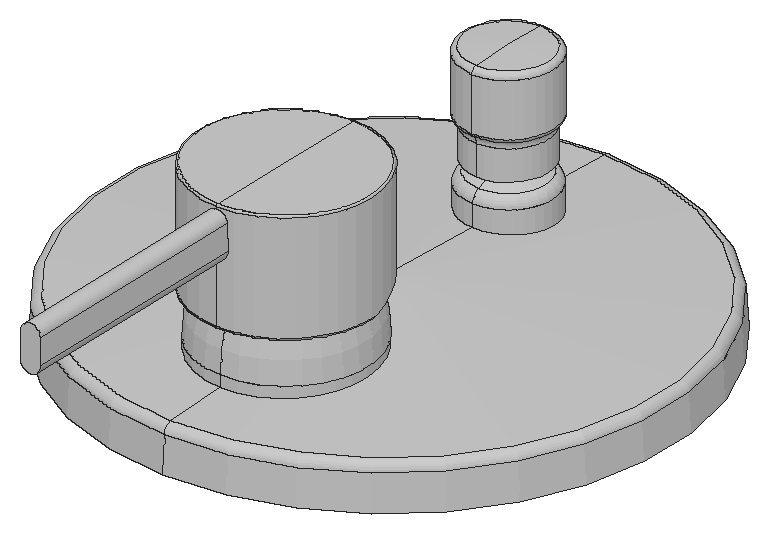
Revit family "Sanitary_Taps-mixers_hansgrohe_74418XXX-Zesis-S-Single-lever-bath-mixer-set_concealed-installation", category Plumbing Fixtures, host Face, Revit 2022
Family settings
  Host = Face
  Round Connector Dimension = Use Diameter
  Part Type = Normal
  OmniClass Number = 23.31.11.00
  OmniClass Title = Faucets
  Cut with Voids When Loaded = Yes
  Maintain Annotation Orientation = No
  Shared = No
  Room Calculation Point = No
Parameters (values of type "000 Chrome")
  Version = 1  # constant formula
  URL = "https://www.hansgrohe.com/"
  Product data url = "https://www.bimobject.com/en/hansgrohe/product/74418XXX"
  Product Page URL = "https://www.hansgrohe.com/articledetail--74418000"
  Model = "74418XXX"  # constant formula
  Material 1 = Hansgrohe - Metal - 000 Chrome
  Manufacturer = "Hansgrohe"  # constant formula
  Description = "Zesis S Single lever bath mixer-set for concealed installation"  # constant formula
  Default Elevation = 0 mm
  Date Updated = ""
  Date Created = "2024/12/17"  # constant formula
Types (3, lengths in mm): name | Material 1
  (no name) | Hansgrohe - Metal - 000 Chrome
  000 Chrome | Hansgrohe - Metal - 000 Chrome
  670 Matt Black | Hansgrohe - Metal - 670 Matt Black
Reference planes
  plane 1 "Center (Front/Back)": y = 0
  plane 2: z = 0
  plane 3 "Center (Left/Right)": x = 0
Forms (mm)
  Revolve 1, solid, material "Hansgrohe - Metal - 000 Chrome" <- "Material 1", detail levels fine
    sketch origin (0, 0, 0) x (0, 1, 0) y (0, 0, 1)
      loop
        line (0, 0) -> (74.941, 0) -> (74.448, 9.406)
        arc (74.448, 9.406) -> (73.752, 11.01) -> (72.175, 11.765) r 2.5
        arc (72.175, 11.765) -> (36.124, 14.191) -> (0, 15) r 806.803
        line (0, 15) -> (0, 0)
      axis (0, 15) -> (0, 0)
    angle from 0 to 360
  Revolve 2, solid, material "Hansgrohe - Metal - 000 Chrome" <- "Material 1", detail levels fine
    sketch origin (0, 0, 0) x (0, 1, 0) y (0, 0, 1)
      loop
        line (39.952, 4.9) -> (51.743, 4.9) -> (51.743, 19.387)
        arc (51.743, 19.387) -> (51.222, 21.076) -> (49.84, 22.179) r 3
        line (49.84, 22.179) -> (44.102, 24.434) -> (44.102, 25.222) -> (50.452, 25.222) -> (50.452, 33.222)
        arc (50.452, 33.222) -> (50.75, 34.456) -> (51.577, 35.419) r 2.707
        arc (51.577, 35.419) -> (51.883, 35.774) -> (51.993, 36.23) r 1
        line (51.993, 36.23) -> (51.993, 50.354)
        arc (51.993, 50.354) -> (51.594, 51.372) -> (50.611, 51.849) r 1.5
        arc (50.611, 51.849) -> (45.286, 52.165) -> (39.952, 52.27) r 135.292
        line (39.952, 52.27) -> (39.952, 4.9)
      axis (39.952, 4.9) -> (39.952, 52.27)
    angle from 0 to 360
  Revolve 3, solid, material "Hansgrohe - Metal - 000 Chrome" <- "Material 1", detail levels fine
    sketch origin (0, 0, 0) x (0, 1, 0) y (0, 0, 1)
      loop
        line (-34.048, 8.388) -> (-12.298, 8.388) -> (-12.298, 15.388)
        arc (-12.298, 15.388) -> (-13.657, 25.86) -> (-17.645, 35.638) r 41.02
        line (-17.645, 35.638) -> (-34.048, 35.638) -> (-34.048, 8.388)
      axis (-34.048, 35.638) -> (-34.048, 8.388)
    angle from 0 to 360
  Extrusion 4, void
    sketch origin (0, 0, 0) x (0, 1, 0) y (0, 0, 1)
      loop
        line (0, 37.41) -> (-39.523, 25.326) -> (0, 25.326) -> (0, 37.41)
    from -25 to 25
  Revolve 5, solid, material "Hansgrohe - Metal - 000 Chrome" <- "Material 1", detail levels fine
    sketch origin (0, 0, 0) x (0, 1, 0) y (0, 0, 1)
      loop
        line (-34.048, 27) -> (-11.548, 27)
        arc (-11.548, 27) -> (-11.194, 27.146) -> (-11.048, 27.5) r 0.5
        line (-11.048, 27.5) -> (-11.048, 56.138)
        arc (-11.048, 56.138) -> (-11.194, 56.492) -> (-11.548, 56.638) r 0.5
        line (-11.548, 56.638) -> (-34.048, 56.638) -> (-34.048, 27)
      axis (-34.048, 56.638) -> (-34.048, 27)
    angle from 0 to 360
  Sweep 6, solid, material "Hansgrohe - Metal - 000 Chrome" <- "Material 1", detail levels fine
    path origin (0, 0, 0) x (0, 1, 0) y (0, 0, 1)
      loop
        line (-118.95, 49.596) -> (-33.95, 49.596)
    profile origin (0, -118.95, 49.596) x (0, 0, 1) y (1, 0, 0)
      loop
        line (-3.298, -2.749) -> (3.315, -2.634)
        arc (3.315, -2.634) -> (5.904, 0) -> (3.315, 2.634) r 2.634
        line (3.315, 2.634) -> (-3.298, 2.749)
        arc (-3.298, 2.749) -> (-6.096, 0) -> (-3.298, -2.749) r 2.75
  Revolve 7, solid, material "Hansgrohe - Metal - 000 Chrome" <- "Material 1", detail levels coarse+medium
    sketch origin (0, 0, 0) x (0, 1, 0) y (0, 0, 1)
      loop
        line (0, 0) -> (74.941, 0) -> (74.941, 15) -> (0, 15) -> (0, 0)
      axis (0, 15) -> (0, 0)
    angle from 0 to 360
  Revolve 8, solid, material "Hansgrohe - Metal - 000 Chrome" <- "Material 1", detail levels medium
    sketch origin (0, 0, 0) x (0, 1, 0) y (0, 0, 1)
      loop
        line (39.952, 4.9) -> (51.743, 4.9) -> (51.743, 21.431) -> (44.102, 24.434) -> (44.102, 25.222) -> (50.452, 25.222) -> (50.452, 33.222) -> (51.993, 36.23) -> (51.993, 52.27) -> (39.952, 52.27) -> (39.952, 4.9)
      axis (39.952, 4.9) -> (39.952, 52.27)
    angle from 0 to 360
  Revolve 9, solid, material "Hansgrohe - Metal - 000 Chrome" <- "Material 1", detail levels medium
    sketch origin (0, 0, 0) x (0, 1, 0) y (0, 0, 1)
      loop
        line (-34.048, 8.388) -> (-12.301, 8.388) -> (-12.301, 27) -> (-11.048, 27) -> (-11.048, 56.638) -> (-34.048, 56.638) -> (-34.048, 8.388)
      axis (-34.048, 56.638) -> (-34.048, 8.388)
    angle from 0 to 360
  Sweep 10, solid, material "Hansgrohe - Metal - 000 Chrome" <- "Material 1", detail levels coarse+medium
    path origin (0, 0, 0) x (0, 1, 0) y (0, 0, 1)
      loop
        line (-118.95, 49.596) -> (-33.95, 49.596)
    profile origin (0, -118.95, 49.596) x (0, 0, 1) y (1, 0, 0)
      loop
        line (-6.096, -2.749) -> (5.904, -2.749) -> (5.904, 2.749) -> (-6.096, 2.749) -> (-6.096, -2.749)
  Revolve 11, solid, material "Hansgrohe - Metal - 000 Chrome" <- "Material 1", detail levels coarse
    sketch origin (0, 0, 0) x (0, 1, 0) y (0, 0, 1)
      loop
        line (39.952, 4.9) -> (51.993, 4.9) -> (51.993, 52.27) -> (39.952, 52.27) -> (39.952, 4.9)
      axis (39.952, 4.9) -> (39.952, 52.27)
    angle from 0 to 360
  Revolve 12, solid, material "Hansgrohe - Metal - 000 Chrome" <- "Material 1", detail levels coarse
    sketch origin (0, 0, 0) x (0, 1, 0) y (0, 0, 1)
      loop
        line (-34.048, 8.388) -> (-11.048, 8.388) -> (-11.048, 56.638) -> (-34.048, 56.638) -> (-34.048, 8.388)
      axis (-34.048, 56.638) -> (-34.048, 8.388)
    angle from 0 to 360
Cuts and joins
  Extrusion 4 cuts Revolve 5
  joined: Revolve 3, Revolve 5, Sweep 6
Lines and regions (mm)
  Masking region 1
    outline origin (0, 0, 0) x (0, 1, 0) y (0, 0, 1)
      loop
        arc (39.952, 52.27) -> (34.618, 52.165) -> (29.293, 51.849) r 135.292
        arc (29.293, 51.849) -> (28.31, 51.372) -> (27.911, 50.354) r 1.5
        line (27.911, 50.354) -> (27.911, 36.23)
        arc (27.911, 36.23) -> (28.021, 35.774) -> (28.327, 35.419) r 1
        arc (28.327, 35.419) -> (29.154, 34.456) -> (29.452, 33.222) r 2.707
        line (29.452, 33.222) -> (29.452, 25.222) -> (35.802, 25.222) -> (35.802, 24.434) -> (30.064, 22.179)
        arc (30.064, 22.179) -> (28.682, 21.076) -> (28.161, 19.387) r 3
        line (28.161, 19.387) -> (28.161, 14.508)
        arc (28.161, 14.508) -> (14.083, 14.877) -> (0, 15) r 806.803
        arc (0, 15) -> (-6.151, 14.977) -> (-12.301, 14.906) r 806.803
        arc (-12.301, 14.906) -> (-13.194, 23.913) -> (-16.04, 32.506) r 41.02
        line (-16.04, 32.506) -> (-11.048, 34.032) -> (-11.048, 56.138)
        arc (-11.048, 56.138) -> (-11.194, 56.492) -> (-11.548, 56.638) r 0.5
        line (-11.548, 56.638) -> (-34.048, 56.638) -> (-57.048, 56.638) -> (-57.048, 55.5) -> (-118.95, 55.5) -> (-118.95, 43.5) -> (-57.048, 43.5) -> (-57.048, 26.995) -> (-54.122, 26.995)
        arc (-54.122, 26.995) -> (-55.526, 20.103) -> (-55.733, 13.073) r 41.02
        arc (-55.733, 13.073) -> (-63.957, 12.461) -> (-72.175, 11.765) r 806.803
        arc (-72.175, 11.765) -> (-73.752, 11.01) -> (-74.448, 9.406) r 2.5
        line (-74.448, 9.406) -> (-74.941, 0) -> (0, 0) -> (74.941, 0) -> (74.448, 9.406)
        arc (74.448, 9.406) -> (73.752, 11.01) -> (72.175, 11.765) r 2.5
        arc (72.175, 11.765) -> (61.964, 12.617) -> (51.743, 13.339) r 806.803
        line (51.743, 13.339) -> (51.743, 19.387)
        arc (51.743, 19.387) -> (51.222, 21.076) -> (49.84, 22.179) r 3
        line (49.84, 22.179) -> (44.102, 24.434) -> (44.102, 25.222) -> (50.452, 25.222) -> (50.452, 33.222)
        arc (50.452, 33.222) -> (50.75, 34.456) -> (51.577, 35.419) r 2.707
        arc (51.577, 35.419) -> (51.883, 35.774) -> (51.993, 36.23) r 1
        line (51.993, 36.23) -> (51.993, 50.354)
        arc (51.993, 50.354) -> (51.594, 51.372) -> (50.611, 51.849) r 1.5
        arc (50.611, 51.849) -> (45.286, 52.165) -> (39.952, 52.27) r 135.292
  Masking region 2
    outline origin (0, 0, 0) x (1, 0, 0) y (0, 0, 1)
      loop
        line (0, 56.638) -> (-22.5, 56.638)
        arc (-22.5, 56.638) -> (-22.854, 56.492) -> (-23, 56.138) r 0.5
        line (-23, 56.138) -> (-23, 27.5)
        arc (-23, 27.5) -> (-22.854, 27.146) -> (-22.5, 27) r 0.5
        line (-22.5, 27) -> (-20.072, 27)
        arc (-20.072, 27) -> (-21.376, 20.917) -> (-21.744, 14.707) r 41.02
        arc (-21.744, 14.707) -> (-46.983, 13.631) -> (-72.175, 11.765) r 806.803
        arc (-72.175, 11.765) -> (-73.752, 11.01) -> (-74.448, 9.406) r 2.5
        line (-74.448, 9.406) -> (-74.941, 0) -> (0, 0) -> (74.941, 0) -> (74.448, 9.406)
        arc (74.448, 9.406) -> (73.752, 11.01) -> (72.175, 11.765) r 2.5
        arc (72.175, 11.765) -> (46.983, 13.631) -> (21.744, 14.707) r 806.803
        arc (21.744, 14.707) -> (21.376, 20.917) -> (20.072, 27) r 41.02
        line (20.072, 27) -> (22.5, 27)
        arc (22.5, 27) -> (22.854, 27.146) -> (23, 27.5) r 0.5
        line (23, 27.5) -> (23, 56.138)
        arc (23, 56.138) -> (22.854, 56.492) -> (22.5, 56.638) r 0.5
        line (22.5, 56.638) -> (0, 56.638)
  Masking region 3
    outline origin (0, 0, 0) x (1, 0, 0) y (0, 1, 0)
      loop
        arc (2.75, -74.891) -> (0, 74.941) -> (-2.75, -74.891) r 74.941
        line (-2.75, -74.891) -> (-2.75, -118.95) -> (2.75, -118.95) -> (2.75, -74.891)
  symbolic lines, detail levels medium+fine
    curve 1: line (0, -34.063, 26.995) -> (0, -54.122, 26.995)
    curve 2: line (0, -16.04, 32.506) -> (0, -34.063, 26.995)
    curve 3: line (0, -57.048, 43.5) -> (0, -57.048, 55.5)
    curve 4: arc (0, -55.733, 13.073) -> (0, -34.029, 14.282) -> (0, -12.301, 14.906) r 806.803
    curve 5: arc (0, 51.743, 13.339) -> (0, 39.956, 14.01) -> (0, 28.161, 14.508) r 806.803
    curve 6: circle (0, -33.95, 0) r 23 normal (0, 0, 1)
    curve 7: circle (0, 39.952, 0) r 12.041 normal (0, 0, 1)
    curve 8: line (-2.634, -74.936, 0) -> (-2.634, -56.799, 0)
    curve 9: line (2.75, -74.891, 0) -> (2.75, -56.786, 0)
    curve 10: line (0, 44.102, 24.434) -> (0, 35.802, 24.434)
    curve 11: line (0, 35.802, 25.222) -> (0, 44.102, 25.222)
    curve 12: line (0, 51.993, 36.23) -> (0, 27.911, 36.23)
    curve 13: spline (-22.896, 0, 27.499) -> (-22.717, 0, 28.089) -> (-22.366, 0, 28.671) -> (-21.843, 0, 29.243) -> (-21.154, 0, 29.799) -> (-20.304, 0, 30.336) -> (-19.299, 0, 30.85) -> (-18.145, 0, 31.336) -> (-16.853, 0, 31.792) -> (-15.432, 0, 32.213) -> (-13.891, 0, 32.596) -> (-12.243, 0, 32.94) -> (-10.5, 0, 33.24)
    curve 14: spline (-10.5, 0, 31.614) -> (-11.82, 0, 31.353) -> (-13.067, 0, 31.062) -> (-14.231, 0, 30.743) -> (-15.307, 0, 30.399) -> (-16.287, 0, 30.031) -> (-17.165, 0, 29.642) -> (-17.937, 0, 29.233) -> (-18.597, 0, 28.809) -> (-19.142, 0, 28.371) -> (-19.567, 0, 27.921) -> (-19.871, 0, 27.463) -> (-20.051, 0, 27)
    curve 15: spline (22.896, 0, 27.499) -> (22.717, 0, 28.089) -> (22.366, 0, 28.671) -> (21.843, 0, 29.243) -> (21.154, 0, 29.799) -> (20.304, 0, 30.336) -> (19.299, 0, 30.85) -> (18.145, 0, 31.336) -> (16.853, 0, 31.792) -> (15.432, 0, 32.213) -> (13.891, 0, 32.596) -> (12.243, 0, 32.94) -> (10.5, 0, 33.24)
    curve 16: spline (10.5, 0, 31.614) -> (11.82, 0, 31.353) -> (13.067, 0, 31.062) -> (14.231, 0, 30.743) -> (15.307, 0, 30.399) -> (16.287, 0, 30.031) -> (17.165, 0, 29.642) -> (17.937, 0, 29.233) -> (18.597, 0, 28.809) -> (19.142, 0, 28.371) -> (19.567, 0, 27.921) -> (19.871, 0, 27.463) -> (20.051, 0, 27)
    curve 17: line (-12.041, 0, 50.354) -> (-12.041, 0, 36.23)
    curve 18: arc (-12.041, 0, 36.23) -> (-11.931, 0, 35.774) -> (-11.625, 0, 35.419) r 1
    curve 19: arc (-11.625, 0, 35.419) -> (-10.798, 0, 34.456) -> (-10.5, 0, 33.222) r 2.707
    curve 20: line (-10.5, 0, 33.222) -> (-10.5, 0, 25.222)
    curve 21: line (-10.5, 0, 25.222) -> (-4.15, 0, 25.222)
    curve 22: line (-4.15, 0, 25.222) -> (-4.15, 0, 24.434)
    curve 23: line (-4.15, 0, 24.434) -> (-9.888, 0, 22.179)
    curve 24: arc (-9.888, 0, 22.179) -> (-11.27, 0, 21.076) -> (-11.791, 0, 19.387) r 3
    curve 25: line (-11.791, 0, 19.387) -> (-11.791, 0, 14.914)
    curve 26: arc (0, 0, 52.27) -> (-5.334, 0, 52.165) -> (-10.659, 0, 51.849) r 135.292
    curve 27: arc (-10.659, 0, 51.849) -> (-11.642, 0, 51.372) -> (-12.041, 0, 50.354) r 1.5
    curve 28: arc (21.744, 0, 14.707) -> (0, 0, 15) -> (-21.744, 0, 14.707) r 806.803
    curve 29: line (12.041, 0, 50.354) -> (12.041, 0, 36.23)
    curve 30: arc (12.041, 0, 36.23) -> (11.931, 0, 35.774) -> (11.625, 0, 35.419) r 1
    curve 31: arc (11.625, 0, 35.419) -> (10.798, 0, 34.456) -> (10.5, 0, 33.222) r 2.707
    curve 32: line (10.5, 0, 33.222) -> (10.5, 0, 25.222)
    curve 33: line (10.5, 0, 25.222) -> (4.15, 0, 25.222)
    curve 34: line (4.15, 0, 25.222) -> (4.15, 0, 24.434)
    curve 35: line (4.15, 0, 24.434) -> (9.888, 0, 22.179)
    curve 36: arc (9.888, 0, 22.179) -> (11.27, 0, 21.076) -> (11.791, 0, 19.387) r 3
    curve 37: line (11.791, 0, 19.387) -> (11.791, 0, 14.914)
    curve 38: arc (0, 0, 52.27) -> (5.334, 0, 52.165) -> (10.659, 0, 51.849) r 135.292
    curve 39: arc (10.659, 0, 51.849) -> (11.642, 0, 51.372) -> (12.041, 0, 50.354) r 1.5
    curve 40: line (4.15, 0, 25.222) -> (-4.15, 0, 25.222)
Dimensions and locks
  aligned and locked: plane 2 to host face
  aligned and locked: level to host face
